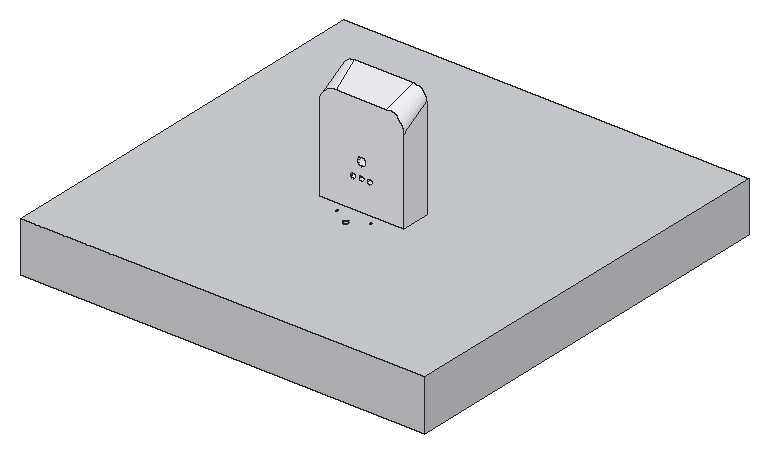
Revit family
Parameters (values of type "9140.047")
  Waste Connection = yes
  WFU = 0
  Vent Connection = no
  URL = "http://www.americanstandard-us.com"
  Sink Material = Vitreous China
  Revised Date = "09/12/2011"
  Product URL = "http://www.americanstandard-us.com/products/productDetail.aspx?id=107"
  Phone # = "416-250-5656"
  Model = "9140.047"
  Manufacturer = "American Standard"
  HWFU = 0
  HW Connection = yes
  Designed By = "ATS BIM Team"
  Description = "Wheelchair Users Lavatory"
  Default Elevation = 2' - 10"
  CWFU = 0
  CW Connection = yes
  Assembly Code = "D2010310"
Reference planes (in)
  plane 1 "Center (Front/Back)": y = 0
  plane 2: z = 0
  plane 3 "Center (Left/Right)": x = 0
  plane 4: z = 27
  plane 5: x = 10
  plane 6: x = -10
  plane 7: z = 24
  plane 8 "Drain Location": z = 10.75
  plane 9: x = 7.5
  plane 10: x = -7.5
  plane 11: z = 9
  plane 12: y = -3
  plane 13: y = -6.625
  plane 14: z = 7.125
  plane 15: x = 2
  plane 16: x = -2
  plane 17: y = -3.3125
  plane 18: y = -11.4375
  plane 19: y = -9
  plane 20: x = 4
  plane 21: x = -4
Forms (in)
  Extrusion 1, solid
    sketch origin (0, 0, 0) x (1, 0, 0) y (0, 1, 0)
      loop
        line (-48, 48) -> (-48, -48) -> (48, -48) -> (48, 48) -> (-48, 48)
    from 0 to -12
  SweptBlend 2, solid, material "Vitreous China" <- "Sink Material"
    path origin (0, 0, 0) x (1, 0, 0) y (0, 1, 0)
      loop
        line (0, 0) -> (0, -6.625)
    profile origin (0, 0, 0) x (1, 0, 0) y (0, 0, 1)
      loop
        line (-10, 0) -> (10, 0) -> (10, 24)
        arc (10, 24) -> (9.12132, 26.12132) -> (7, 27) r 3
        line (7, 27) -> (-7, 27)
        arc (-7, 27) -> (-9.12132, 26.12132) -> (-10, 24) r 3
        line (-10, 24) -> (-10, 0)
    end profile origin (0, -6.625, 0) x (1, 0, 0) y (0, 0, 1)
      loop
        line (-10, 0) -> (10, 0) -> (10, 20)
        arc (10, 20) -> (8.82843, 22.82843) -> (6, 24) r 4
        line (6, 24) -> (-6, 24)
        arc (-6, 24) -> (-8.82843, 22.82843) -> (-10, 20) r 4
        line (-10, 20) -> (-10, 0)
  SweptBlend 3, void
    path origin (0, 0, 0) x (1, 0, 0) y (0, 1, 0)
      loop
        line (0, 0) -> (0, -3)
    profile origin (0, 0, 0) x (1, 0, 0) y (0, 0, 1)
      loop
        line (6.72869, 24) -> (-6.72869, 24)
        arc (-6.72869, 24) -> (-7.26896, 23.7702) -> (-7.47815, 23.22162) r 0.75
        arc (-7.47815, 23.22162) -> (-6.95447, 18.12365) -> (-5.77922, 13.13543) r 39.74832
        arc (-5.77922, 13.13543) -> (0, 8.85541) -> (5.77922, 13.13543) r 6.04179
        arc (5.77922, 13.13543) -> (6.95447, 18.12365) -> (7.47815, 23.22162) r 39.74832
        arc (7.47815, 23.22162) -> (7.26896, 23.7702) -> (6.72869, 24) r 0.75
    end profile origin (0, -3, 0) x (1, 0, 0) y (0, 0, 1)
      loop
        arc (6.85137, 22.51573) -> (6.69551, 22.85072) -> (6.35218, 22.98723) r 0.5
        line (6.35218, 22.98723) -> (-6.35218, 22.98723)
        arc (-6.35218, 22.98723) -> (-6.69551, 22.85072) -> (-6.85137, 22.51573) r 0.5
        arc (-6.85137, 22.51573) -> (-6.71894, 17.80477) -> (-5.79009, 13.18438) r 27.70929
        arc (-5.79009, 13.18438) -> (0, 8.84063) -> (5.79009, 13.18438) r 6.03088
        arc (5.79009, 13.18438) -> (6.71894, 17.80477) -> (6.85137, 22.51573) r 27.70929
  Extrusion 4, void
    sketch origin (0, -3, 22.51573) x (0, 0, 1) y (1, 0, 0)
      loop
        circle (-11.76573, 0) r 1
    from 0 to -3.625
  Extrusion 5, void
    sketch origin (0, 0, 0) x (-1, 0, 0) y (0, 0, 1)
      loop
        circle (-2, 7.125) r 0.625
      loop
        circle (0, 7.125) r 0.625
      loop
        circle (2, 7.125) r 0.625
    from 0 to -6.625
  Extrusion 6, solid, material "Polished Chrome"
    sketch origin (0, 0, 0) x (1, 0, 0) y (0, 1, 0)
      loop
        circle (4, -9) r 0.1875
      loop
        circle (0, -11.4375) r 0.625
      loop
        circle (-4, -9) r 0.1875
    from 0 to -0.25
Cuts and joins
  SweptBlend 3, Extrusion 4, Extrusion 5 cuts SweptBlend 2
Dimensions and locks (in)
  locked: plane 12 to plane 1 "Center (Front/Back)" at 3
  locked: plane 17 to plane 1 "Center (Front/Back)" at 3.3125
  plane 16 to plane 3 "Center (Left/Right)" to plane 15 = 0' - 2" locked, 0' - 2" locked
  locked: plane 18 to plane 1 "Center (Front/Back)" at 11.4375
  locked: plane 19 to plane 1 "Center (Front/Back)" at 9
  locked: plane 18 to Extrusion 6 sketch curve at 0
  locked: plane 3 "Center (Left/Right)" to Extrusion 6 sketch curve at 0
  locked: plane 20 to Extrusion 6 sketch curve at 0
  locked: Extrusion 6 sketch curve to plane 21 at 0
  locked: plane 19 to Extrusion 6 sketch curve at 0  (x2)
  locked: plane 2 to Extrusion 6 at 0.25
  locked: Extrusion 6 sketch curve to Extrusion 6 sketch curve (radius 0' - 0 5/8")
  locked: Extrusion 6 sketch curve to Extrusion 6 sketch curve (radius 0' - 0 3/16")  (x2)
  aligned and locked: plane 2 to Extrusion 1
  aligned and locked: level to Extrusion 1
  aligned and locked: plane 12 to cut or joined group of SweptBlend 2, SweptBlend 3, Extrusion 4, Extrusion 5
  aligned and locked: plane 13 to cut or joined group of SweptBlend 2, SweptBlend 3, Extrusion 4, Extrusion 5
  aligned and locked: cut or joined group of SweptBlend 2, SweptBlend 3, Extrusion 4, Extrusion 5 to plane 12
  aligned and locked: Extrusion 5 to plane 1 "Center (Front/Back)"
  aligned and locked: SweptBlend 2 to Extrusion 5
  aligned and locked: plane 2 to Extrusion 6
Connectors (in)
  piping at (0, -11.4375, 0), driven by "WFU"
    settings: on Extrusion 6, index 1
  piping at (-4, -9, 0), driven by "HWFU"
    settings: on Extrusion 6, index 2
  piping at (4, -9, 0), driven by "CWFU"
    settings: on Extrusion 6, index 3
